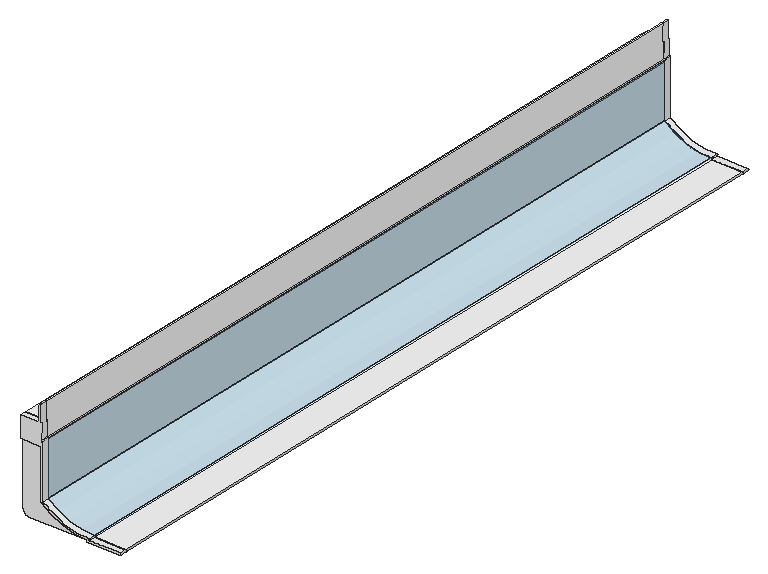
Revit family "LLED8000-LDS_4RF", category Lighting Fixtures, Revit 2017
Family settings
  Round Connector Dimension = Use Diameter
  Part Type = Normal
  OmniClass Number = 23.80.70.00
  OmniClass Title = Lighting
  Work Plane-Based = No
  Always vertical = Yes
  Cut with Voids When Loaded = No
  Light Source = Yes
  Shared = No
  Room Calculation Point = No
Parameters (values of type "LLED8000-LDS")
  Wattage = 9.2903 W
  built-in parameter 1150110 = 1 (stored number, unit not read)
  built-in parameter 1114217 = 1 (stored number, unit not read)
  Tilt Angle = 60.00°
  built-in parameter 1150109 = 1 (stored number, unit not read)
  built-in parameter 1150134 = 3
  built-in parameter 1150113 = 1 (stored number, unit not read)
  Photometric Web File = "generic"
  built-in parameter 1150142 = (empty or 0)
  built-in parameter 1150105 = 109.82 (stored number, unit not read)
  Lumens = 1380 lm
  built-in parameter 1150115 = 1 (stored number, unit not read)
  built-in parameter 1150137 = (empty or 0)
  built-in parameter 1150139 = (empty or 0)
  Length = 24.00"
  built-in parameter 1150112 = 1 (stored number, unit not read)
  built-in parameter 1150114 = 1 (stored number, unit not read)
  built-in parameter 1150132 = (empty or 0)
  built-in parameter 1150102 = (empty or 0)
  built-in parameter 1150107 = 3200 (stored number, unit not read)
  built-in parameter 1150138 = (empty or 0)
  built-in parameter 1150106 = 1.0982 (stored number, unit not read)
  Fixture Cap = Fixture Cap
  Fixture = Fixture
  Emit from Line Length = Length  # 24.00"
  built-in parameter 1150104 = 13.8 (stored number, unit not read)
  Dimming Lamp Color Temperature Shift = <None>
  Color Filter = 16777215
  built-in parameter 1114218 = 1 (stored number, unit not read)
  built-in parameter 1150133 = 10 (stored number, unit not read)
Reference planes (in)
  plane 1 "Light Source Axis (F/B)": y = 0
  plane 2: z = 0
  plane 3 "Light Source Axis (L/R)": x = 0
  plane 4 "Light Source Elevation": z = 1.2325
  plane 5: y = 12.2
  plane 6: y = -12.2
  plane 7: y = 12
  plane 8: y = -12
  plane 9: y = -12.1
  plane 10: y = 12.1
  plane 11: y = -11.87
  plane 12: y = 11.87
Forms (in)
  Extrusion 1, solid, material "Fixture Cap" <- "Fixture Cap"
    sketch origin (0, 0, 0) x (1, 0, 0) y (0, 0, 1)
      loop
        line (0.23682, 0) -> (3.06755, 0) -> (3.12674, 0.02154)
        arc (3.12674, 0.02154) -> (3.13969, 0.04365) -> (3.12037, 0.06049) r 0.02008
        line (3.12037, 0.06049) -> (2.16739, 0.08446)
        spline (2.16739, 0.08446) -> (2.14642, 0.08692) -> (2.13974, 0.09248) -> (2.14187, 0.09842) -> (2.14874, 0.1033) -> (2.15844, 0.10754) -> (2.16925, 0.11173) -> (2.17964, 0.11608) -> (2.18831, 0.12044) -> (2.19387, 0.12473) -> (2.19427, 0.12926) -> (2.18703, 0.13431) -> (2.16739, 0.13708)
        arc (2.16739, 0.13708) -> (1.3882, 0.25007) -> (0.71, 0.65) r 2.03785
        line (0.71, 0.65) -> (0.71, 2.34425)
        spline (0.71, 2.34425) -> (0.70754, 2.36522) -> (0.70198, 2.3719) -> (0.69603, 2.36977) -> (0.69116, 2.3629) -> (0.68692, 2.3532) -> (0.68273, 2.3424) -> (0.67838, 2.33201) -> (0.67402, 2.32333) -> (0.66973, 2.31778) -> (0.66519, 2.31738) -> (0.66015, 2.32461) -> (0.65738, 2.34425)
        line (0.65738, 2.34425) -> (0.64033, 3.32106)
        arc (0.64033, 3.32106) -> (0.62591, 3.33935) -> (0.60443, 3.33035) r 0.01924
        line (0.60443, 3.33035) -> (0.58, 3.28804) -> (0.58, 2.82) -> (0, 2.82) -> (0, 0.23682)
        arc (0, 0.23682) -> (0.06936, 0.06936) -> (0.23682, 0) r 0.23682
    from 12.2 to 12
  Extrusion 2, void
    sketch origin (0, 0, 0) x (1, 0, 0) y (0, 0, 1)
      loop
        line (0, 2.17) -> (0, 0.23924)
        arc (0, 0.23924) -> (0.07007, 0.07007) -> (0.23924, 0) r 0.23924
        line (0.23924, 0) -> (2.07005, 0) -> (2.07005, 0.0745)
        arc (2.07005, 0.0745) -> (1.30848, 0.21554) -> (0.65, 0.62331) r 2.09785
        line (0.65, 0.62331) -> (0.65, 2.17) -> (0, 2.17)
    from 12.2 to 12.1
  Extrusion 3, solid, material "Fixture Cap" <- "Fixture Cap"
    sketch origin (0, 0, 0) x (1, 0, 0) y (0, 0, -1)
      loop
        arc (0.23924, 0) -> (0.07007, -0.07007) -> (0, -0.23924) r 0.23924
        line (0, -0.23924) -> (0, -2.82) -> (0.58, -2.82) -> (0.58, -3.28804) -> (0.60443, -3.33035)
        arc (0.60443, -3.33035) -> (0.62591, -3.33935) -> (0.64033, -3.32106) r 0.01924
        line (0.64033, -3.32106) -> (0.65738, -2.34425)
        spline (0.65738, -2.34425) -> (0.66015, -2.32461) -> (0.66519, -2.31738) -> (0.66973, -2.31778) -> (0.67402, -2.32333) -> (0.67838, -2.33201) -> (0.68273, -2.3424) -> (0.68692, -2.3532) -> (0.69116, -2.3629) -> (0.69603, -2.36977) -> (0.70198, -2.3719) -> (0.70754, -2.36522) -> (0.71, -2.34425)
        line (0.71, -2.34425) -> (0.71, -0.65)
        arc (0.71, -0.65) -> (1.3882, -0.25007) -> (2.16739, -0.13708) r 2.03785
        spline (2.16739, -0.13708) -> (2.18703, -0.13431) -> (2.19427, -0.12926) -> (2.19387, -0.12473) -> (2.18831, -0.12044) -> (2.17964, -0.11608) -> (2.16925, -0.11173) -> (2.15844, -0.10754) -> (2.14874, -0.1033) -> (2.14187, -0.09842) -> (2.13974, -0.09248) -> (2.14642, -0.08692) -> (2.16739, -0.08446)
        line (2.16739, -0.08446) -> (3.12037, -0.06049)
        arc (3.12037, -0.06049) -> (3.13969, -0.04365) -> (3.12674, -0.02154) r 0.02008
        line (3.12674, -0.02154) -> (3.06755, 0) -> (0.23924, 0)
    from 12.2 to 12
  Extrusion 4, void
    sketch origin (0, 0, 0) x (1, 0, 0) y (0, 0, -1)
      loop
        line (0, -2.17) -> (0.65, -2.17) -> (0.65, -0.62331)
        arc (0.65, -0.62331) -> (1.30848, -0.21554) -> (2.07005, -0.0745) r 2.09785
        line (2.07005, -0.0745) -> (2.07005, 0) -> (0.23924, 0)
        arc (0.23924, 0) -> (0.07007, -0.07007) -> (0, -0.23924) r 0.23924
        line (0, -0.23924) -> (0, -2.17)
    from 12.2 to 12.1
  Extrusion 5, solid, material "Fixture" <- "Fixture"
    sketch origin (0, 0, 0) x (1, 0, 0) y (0, 0, 1)
      loop
        line (0.58, 2.82) -> (0, 2.82) -> (0, 0.37205) -> (0.39, 0.37205) -> (0.39, 0.48768) -> (0.5, 0.48768) -> (0.5, 0.37205) -> (0.98773, 0.37205)
        arc (0.98773, 0.37205) -> (1.16283, 0.27826) -> (1.34601, 0.20145) r 2.09785
        line (1.34601, 0.20145) -> (1.34601, 0) -> (1.40601, 0) -> (1.40601, 0.18059)
        arc (1.40601, 0.18059) -> (1.73375, 0.10077) -> (2.07005, 0.0745) r 2.09785
        line (2.07005, 0.0745) -> (2.07005, 0) -> (3.06755, 0) -> (3.12674, 0.02154)
        arc (3.12674, 0.02154) -> (3.13969, 0.04365) -> (3.12037, 0.06049) r 0.02008
        line (3.12037, 0.06049) -> (2.16739, 0.08446)
        spline (2.16739, 0.08446) -> (2.14901, 0.08669) -> (2.14035, 0.09194) -> (2.14093, 0.09805) -> (2.14823, 0.10347) -> (2.15691, 0.10746) -> (2.16373, 0.11002) -> (2.17091, 0.11273) -> (2.18075, 0.11701) -> (2.1897, 0.12118) -> (2.19406, 0.12484) -> (2.19288, 0.1316) -> (2.16739, 0.13708)
        arc (2.16739, 0.13708) -> (1.3882, 0.25007) -> (0.71, 0.65) r 2.03785
        line (0.71, 0.65) -> (0.71, 2.34425)
        spline (0.71, 2.34425) -> (0.70863, 2.36152) -> (0.70381, 2.37063) -> (0.69782, 2.37143) -> (0.69221, 2.36509) -> (0.68724, 2.355) -> (0.68305, 2.34463) -> (0.67955, 2.33569) -> (0.67643, 2.32841) -> (0.6733, 2.32242) -> (0.66926, 2.31732) -> (0.66222, 2.31983) -> (0.65738, 2.34425)
        line (0.65738, 2.34425) -> (0.64033, 3.32106)
        arc (0.64033, 3.32106) -> (0.62591, 3.33935) -> (0.60443, 3.33035) r 0.01924
        line (0.60443, 3.33035) -> (0.58, 3.28804) -> (0.58, 2.82)
    from 12 to -12
  Extrusion 6, solid, material "Fixture Cap" <- "Fixture Cap"
    sketch origin (0, 0, 0) x (1, 0, 0) y (0, 1, 0)
      loop
        line (1.41601, 12) -> (1.41601, 11.87) -> (1.51601, 11.87) -> (1.51601, 12) -> (1.41601, 12)
      loop
        line (1.41601, -12) -> (1.51601, -12) -> (1.51601, -11.87) -> (1.41601, -11.87) -> (1.41601, -12)
    from 0 to 0.17783
  Extrusion 7, void
    sketch origin (0, 0, 0) x (1, 0, 0) y (0, 0, 1)
      loop
        arc (0.68897, 0.64198) -> (1.34913, 0.24292) -> (2.10984, 0.11498) r 2.05785
        line (2.10984, 0.11498) -> (2.16739, 0.13708)
        arc (2.16739, 0.13708) -> (1.3882, 0.25007) -> (0.71, 0.65) r 2.03785
        line (0.71, 0.65) -> (0.71, 2.32883) -> (0.68897, 2.29644) -> (0.68897, 0.64198)
    from 12 to -12
  Extrusion 8, solid, material "Glass"
    sketch origin (0, 0, 0) x (1, 0, 0) y (0, 0, 1)
      loop
        line (0.71, 2.32883) -> (0.68897, 2.29644) -> (0.68897, 0.64198)
        arc (0.68897, 0.64198) -> (1.34913, 0.24292) -> (2.10984, 0.11498) r 2.05785
        line (2.10984, 0.11498) -> (2.16739, 0.13708)
        arc (2.16739, 0.13708) -> (1.3882, 0.25007) -> (0.71, 0.65) r 2.03785
        line (0.71, 0.65) -> (0.71, 2.32883)
    from 12 to -12
Cuts and joins
  Extrusion 2, Extrusion 4, Extrusion 7 cuts Extrusion 1
  Extrusion 4 cuts Extrusion 3
  joined: Extrusion 1, Extrusion 3, Extrusion 6
  Extrusion 7 cuts Extrusion 5
Dimensions and locks (in)
  "Length": plane 7 to plane 8
  equal spacing: plane 7, plane 1 "Light Source Axis (F/B)", plane 8
  locked: plane 11 to plane 8 at 0.13
  locked: plane 7 to plane 12 at 0.13
  locked: plane 4 "Light Source Elevation" to plane 2 at 1.2325
  plane 8 to plane 9 to plane 6 = 0.10" locked, 0.10" locked
  plane 5 to plane 10 to plane 7 = 0.10" locked, 0.10" locked
  aligned and locked: level to plane 2
  aligned and locked: imposter light to plane 4 "Light Source Elevation"
  aligned and locked: plane 7 to Extrusion 5
  aligned and locked: Extrusion 5 to plane 8
  aligned and locked: plane 12 to Extrusion 6 sketch curve
  aligned and locked: plane 11 to Extrusion 6 sketch curve
  aligned and locked: Extrusion 8 to plane 8
  aligned and locked: plane 7 to Extrusion 8
  aligned and locked: plane 9 to cut or joined group of Extrusion 1, Extrusion 2, Extrusion 3, Extrusion 4, Extrusion 6, Extrusion 7
  aligned and locked: cut or joined group of Extrusion 1, Extrusion 2, Extrusion 3, Extrusion 4, Extrusion 6, Extrusion 7 to plane 6  (x2)
  aligned and locked: plane 8 to cut or joined group of Extrusion 1, Extrusion 2, Extrusion 3, Extrusion 4, Extrusion 6, Extrusion 7
  aligned and locked: cut or joined group of Extrusion 1, Extrusion 2, Extrusion 3, Extrusion 4, Extrusion 6, Extrusion 7 to plane 7
  aligned and locked: plane 5 to cut or joined group of Extrusion 1, Extrusion 2, Extrusion 3, Extrusion 4, Extrusion 6, Extrusion 7  (x2)
  aligned and locked: plane 10 to cut or joined group of Extrusion 1, Extrusion 2, Extrusion 3, Extrusion 4, Extrusion 6, Extrusion 7
  aligned and locked: cut or joined group of Extrusion 5, Extrusion 7 to plane 8
  aligned and locked: plane 7 to cut or joined group of Extrusion 5, Extrusion 7
Automatic sketch dimensions
  Extrusion 2 sketch curve to plane 3 "Light Source Axis (L/R)" = 0.00"
  Extrusion 2 sketch curve to level = 0.00"
  level to Extrusion 2 sketch curve = 0.23924"
  Extrusion 2 sketch curve to Extrusion 2 sketch curve = 0.41076"
  Extrusion 2 sketch curve to Extrusion 2 sketch curve = 1.41474"
  level to Extrusion 2 sketch curve = 0.0745"
  Extrusion 2 sketch curve to Extrusion 2 sketch curve = 1.42005"
  Extrusion 2 sketch curve to Extrusion 2 sketch curve = 0.38407"
  Extrusion 2 sketch curve to Extrusion 2 sketch curve = 0.00234"
  Extrusion 3 sketch curve to plane 3 "Light Source Axis (L/R)" = 0.00"
  Extrusion 3 sketch curve to level = 0.00"
  level to Extrusion 3 sketch curve = 0.23924"
  plane 3 "Light Source Axis (L/R)" to Extrusion 3 sketch curve = 0.58"
  Extrusion 3 sketch curve to Extrusion 3 sketch curve = 0.02443"
  Extrusion 3 sketch curve to Extrusion 3 sketch curve = 0.01666"
  Extrusion 3 sketch curve to Extrusion 3 sketch curve = 0.01924"
  Extrusion 3 sketch curve to Extrusion 3 sketch curve = 0.07738"
  Extrusion 3 sketch curve to Extrusion 3 sketch curve = 0.05262"  (x2)
  Extrusion 3 sketch curve to Extrusion 3 sketch curve = 1.35474"
  level to Extrusion 3 sketch curve = 0.13708"
  Extrusion 3 sketch curve to Extrusion 3 sketch curve = 1.45739"
  Extrusion 3 sketch curve to Extrusion 3 sketch curve = 0.90016"
  Extrusion 3 sketch curve to Extrusion 3 sketch curve = 0.05232"
  level to Extrusion 3 sketch curve = 0.06049"
  Extrusion 3 sketch curve to Extrusion 3 sketch curve = 0.0005"
  level to Extrusion 3 sketch curve = 0.02154"
  Extrusion 3 sketch curve to Extrusion 3 sketch curve = 0.00687"
  Extrusion 3 sketch curve to Extrusion 3 sketch curve = 0.41076"
  Extrusion 3 sketch curve to Extrusion 3 sketch curve = 0.17192"
  Extrusion 3 sketch curve to Extrusion 3 sketch curve = 0.47575"
  Extrusion 3 sketch curve to Extrusion 3 sketch curve = 0.46804"
  Extrusion 3 sketch curve to Extrusion 3 sketch curve = 0.03269"
  Extrusion 3 sketch curve to Extrusion 3 sketch curve = 0.00034"
  Extrusion 4 sketch curve to plane 3 "Light Source Axis (L/R)" = 0.00"
  Extrusion 4 sketch curve to level = 0.00"
  level to Extrusion 4 sketch curve = 0.23924"
  Extrusion 4 sketch curve to Extrusion 4 sketch curve = 0.41076"
  Extrusion 4 sketch curve to Extrusion 4 sketch curve = 1.41474"
  level to Extrusion 4 sketch curve = 0.0745"
  Extrusion 4 sketch curve to Extrusion 4 sketch curve = 1.42005"
  Extrusion 4 sketch curve to Extrusion 4 sketch curve = 0.38407"
  Extrusion 4 sketch curve to Extrusion 4 sketch curve = 1.54669"
  Extrusion 5 sketch curve to Extrusion 5 sketch curve = 0.00"  (x4)
  Extrusion 5 sketch curve to plane 3 "Light Source Axis (L/R)" = 0.00"
  Extrusion 5 sketch curve to level = 0.00"  (x2)
  Extrusion 5 sketch curve to Extrusion 5 sketch curve = 0.11"
  plane 3 "Light Source Axis (L/R)" to Extrusion 5 sketch curve = 0.58"
  Extrusion 5 sketch curve to Extrusion 5 sketch curve = 0.02443"
  Extrusion 5 sketch curve to Extrusion 5 sketch curve = 0.01666"
  Extrusion 5 sketch curve to Extrusion 5 sketch curve = 0.01924"
  Extrusion 5 sketch curve to Extrusion 5 sketch curve = 0.07738"
  Extrusion 5 sketch curve to Extrusion 5 sketch curve = 0.21"
  level to Extrusion 5 sketch curve = 0.37205"
  Extrusion 5 sketch curve to Extrusion 5 sketch curve = 0.27773"
  Extrusion 5 sketch curve to Extrusion 5 sketch curve = 0.35828"
  Extrusion 5 sketch curve to Extrusion 5 sketch curve = 0.06"
  Extrusion 5 sketch curve to Extrusion 5 sketch curve = 1.35474"
  Extrusion 5 sketch curve to Extrusion 5 sketch curve = 0.66404"
  Extrusion 5 sketch curve to Extrusion 5 sketch curve = 0.09734"
  Extrusion 5 sketch curve to Extrusion 5 sketch curve = 0.90016"
  Extrusion 5 sketch curve to Extrusion 5 sketch curve = 0.05232"
  level to Extrusion 5 sketch curve = 0.06049"
  Extrusion 5 sketch curve to Extrusion 5 sketch curve = 0.0005"
  level to Extrusion 5 sketch curve = 0.02154"
  Extrusion 5 sketch curve to Extrusion 5 sketch curve = 0.00687"
  level to Extrusion 5 sketch curve = 0.0745"
  level to Extrusion 5 sketch curve = 0.08446"
  Extrusion 5 sketch curve to Extrusion 5 sketch curve = 0.05262"
  Extrusion 5 sketch curve to Extrusion 5 sketch curve = 0.19146"
  Extrusion 5 sketch curve to Extrusion 5 sketch curve = 0.11562"  (x2)
  Extrusion 5 sketch curve to Extrusion 5 sketch curve = 0.17192"
  Extrusion 5 sketch curve to Extrusion 5 sketch curve = 0.47575"
  Extrusion 5 sketch curve to Extrusion 5 sketch curve = 0.46804"
  Extrusion 5 sketch curve to Extrusion 5 sketch curve = 0.03269"
  Extrusion 5 sketch curve to Extrusion 5 sketch curve = 0.00034"
  plane 3 "Light Source Axis (L/R)" to Extrusion 5 sketch curve = 0.39"
  Extrusion 1 sketch curve to plane 3 "Light Source Axis (L/R)" = 0.00"
  Extrusion 1 sketch curve to level = 0.00"
  level to Extrusion 1 sketch curve = 0.23682"
  plane 3 "Light Source Axis (L/R)" to Extrusion 1 sketch curve = 0.58"
  Extrusion 1 sketch curve to Extrusion 1 sketch curve = 0.02443"
  Extrusion 1 sketch curve to Extrusion 1 sketch curve = 0.01666"
  Extrusion 1 sketch curve to Extrusion 1 sketch curve = 0.01924"
  Extrusion 1 sketch curve to Extrusion 1 sketch curve = 0.07738"
  Extrusion 1 sketch curve to Extrusion 1 sketch curve = 0.47318"
  level to Extrusion 1 sketch curve = 0.13708"
  Extrusion 1 sketch curve to Extrusion 1 sketch curve = 1.45739"
  Extrusion 1 sketch curve to Extrusion 1 sketch curve = 0.90016"
  Extrusion 1 sketch curve to Extrusion 1 sketch curve = 0.05232"
  level to Extrusion 1 sketch curve = 0.06049"
  Extrusion 1 sketch curve to Extrusion 1 sketch curve = 0.0005"
  level to Extrusion 1 sketch curve = 0.02154"
  Extrusion 1 sketch curve to Extrusion 1 sketch curve = 0.00687"
  Extrusion 1 sketch curve to Extrusion 1 sketch curve = 0.05262"
  Extrusion 1 sketch curve to Extrusion 1 sketch curve = 0.41318"
  Extrusion 1 sketch curve to Extrusion 1 sketch curve = 0.47575"
  Extrusion 1 sketch curve to Extrusion 1 sketch curve = 0.46804"
  Extrusion 1 sketch curve to Extrusion 1 sketch curve = 0.03269"
  Extrusion 1 sketch curve to Extrusion 1 sketch curve = 0.00034"
  Extrusion 1 sketch curve to Extrusion 1 sketch curve = 1.35474"
  Extrusion 1 sketch curve to Extrusion 1 sketch curve = 0.17192"
  Extrusion 6 sketch curve to plane 7 = 0.00"
  Extrusion 6 sketch curve to plane 8 = 0.00"
  plane 3 "Light Source Axis (L/R)" to Extrusion 6 sketch curve = 1.41601"  (x2)
  Extrusion 6 sketch curve to Extrusion 6 sketch curve = 0.10"  (x2)
  Extrusion 7 sketch curve to Extrusion 7 sketch curve = 0.00"  (x2)
  plane 3 "Light Source Axis (L/R)" to Extrusion 7 sketch curve = 0.68897"
  Extrusion 7 sketch curve to Extrusion 7 sketch curve = 0.02103"
  Extrusion 7 sketch curve to plane 4 "Light Source Elevation" = 0.93984"
  Extrusion 7 sketch curve to Extrusion 7 sketch curve = 1.35474"
  level to Extrusion 7 sketch curve = 0.11498"
  Extrusion 7 sketch curve to Extrusion 7 sketch curve = 1.39984"
  level to Extrusion 7 sketch curve = 0.13708"
  Extrusion 7 sketch curve to Extrusion 7 sketch curve = 0.05755"
  Extrusion 7 sketch curve to plane 4 "Light Source Elevation" = 1.06394"
  Extrusion 7 sketch curve to Extrusion 7 sketch curve = 0.03238"
  plane 3 "Light Source Axis (L/R)" to Extrusion 8 sketch curve = 0.68897"
  plane 4 "Light Source Elevation" to Extrusion 8 sketch curve = 0.5825"
  plane 3 "Light Source Axis (L/R)" to Extrusion 8 sketch curve = 0.71"
  Extrusion 8 sketch curve to plane 4 "Light Source Elevation" = 1.06394"
  Extrusion 8 sketch curve to Extrusion 8 sketch curve = 0.03238"
  Extrusion 8 sketch curve to Extrusion 8 sketch curve = 0.00802"
  Extrusion 8 sketch curve to plane 4 "Light Source Elevation" = 0.93984"
  level to Extrusion 8 sketch curve = 0.11498"
  Extrusion 8 sketch curve to Extrusion 8 sketch curve = 0.00"  (x2)
  Extrusion 8 sketch curve to Extrusion 8 sketch curve = 0.05755"
  Extrusion 8 sketch curve to Extrusion 8 sketch curve = 1.35474"
